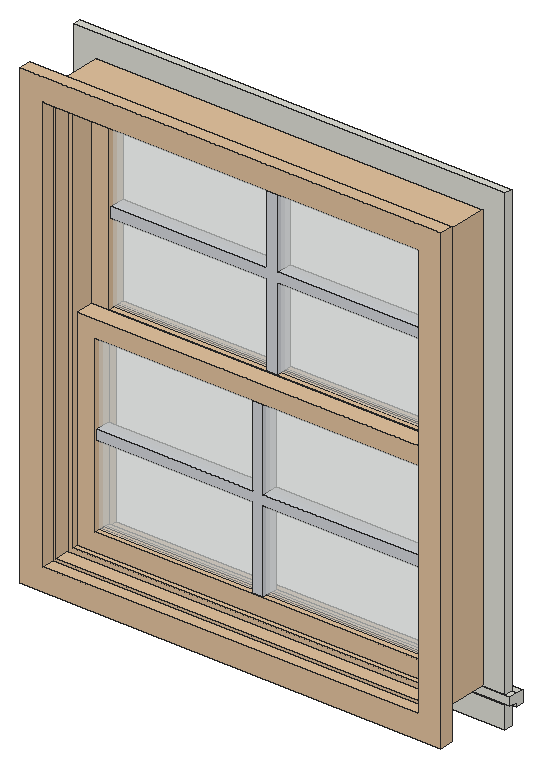
Revit family "Window-Double-Hung-v1", category Windows, host Wall, Revit 2022
Family settings
  Host = Wall
  OmniClass Number = 23.30.20.17.17.14
  OmniClass Title = Double-Hung Windows
  Always vertical = Yes
  Cut with Voids When Loaded = No
  Shared = No
  Room Calculation Point = No
Parameters (values of type "38" x 42"")
  Wall Thickness [instance] = 0' - 6"
  Window Inset [instance] = 0' - 0"
  Visual Light Transmittance = 0.81
  Top Muntin Visibility = yes
  Thermal Resistance (R) = 1.8146 (h·ft²·°F)/BTU
  Solar Heat Gain Coefficient = 0.76
  Muntin Width = Width - 0' 6"  # 2' - 8"
  Muntin Height = 0.5 * (Height - 0' 6" - 0' 1 3/4")  # 1' - 5 1/8"
  Manufacturer = ""
  Interior Wall Closure [instance] = 0' - 1 1/2"
  Interior Trim Material = Wood - Stained
  Interior Trim = Trim-Window-Interior-Flat : Picture Frame
  Rough Width = Width + 0' 0 1/2"  # 3' - 2 1/2"
  Rough Height = Height + 0' 0 1/2"  # 3' - 6 1/2"
  Indicator Visibility [instance] = yes
  Frame Extension [instance] = if(Exterior Trim Visibility, Window Inset + 0' 1 1/4", 0' 1 1/4")  # 0' - 1 1/4"
  Fire Rating = "0.5h"
  Exterior Wall Closure [instance] = 0' - 0 1/2"
  Exterior Trim Material = Clad - White
  Extension Jamb Visibility [instance] = and(Interior Trim Visibility, Wall Thickness - Window Inset > 0' 4 1/2")  # yes
  Interior Trim Visibility [instance] = yes
  Exterior Trim Visibility [instance] = yes
  Exterior Trim = Trim-Window-Exterior-Flat : with Sill
  Extension Jamb [instance] = if(Wall Thickness - Window Inset > 0' 4 1/2", Wall Thickness - Window Inset - 0' 4 1/2", 0' 1")  # 0' - 1 1/2"
  Define Thermal Properties by = Schematic Type
  Construction Type Id = "DG-DR"
  Heat Transfer Coefficient (U) = 0.5511 BTU/(h·ft²·°F)
  Bottom Muntin Visibility = yes
  Assembly Code = "B2020100"
  Glass Panel Material = Glass
  Height = 3' - 6"
  Exterior Frame Material = Clad - White
  Interior Frame Material = Wood - Stained
  Wall Closure = By host
  Width = 3' - 2"
  Analytic Construction = "Double glazing - domestic"
Types (7): name | Muntin Width | Muntin Height | Manufacturer | Interior Trim Material | Interior Trim | Rough Width | Rough Height | Exterior Trim Material | Exterior Trim | Bottom Muntin Visibility | Height | Exterior Frame Material | Interior Frame Material | Width
  38" x 42" | 2' - 8" | 1' - 5 1/8" | "" | Wood - Stained | Trim-Window-Interior-Flat : Picture Frame | 3' - 2 1/2" | 3' - 6 1/2" | Clad - White | Trim-Window-Exterior-Flat : with Sill | yes | 3' - 6" | Clad - White | Wood - Stained | 3' - 2"
  3' x 5'7" Mullion | 2' - 5 1/2" | 2' - 5 7/8" | "Sierra-Pacific" | Black | Trim-Window-Interior-Flat : Picture Frame | 3' - 0" | 5' - 8" | Black | Trim-Window-Exterior-Flat : with Sill | yes | 5' - 7 1/2" | Black | Black | 2' - 11 1/2"
  36 x 80 mullions | 2' - 5 1/2" | 2' - 11 7/8" | "Sierra-Pacific" | Black | Muntin Pattern_2x2 : Muntin Pattern_2x2 | 3' - 0" | 6' - 8" | Black | Muntin Pattern_2x2 : Muntin Pattern_2x2 | yes | 6' - 7 1/2" | Black | Black | 2' - 11 1/2"
  30" x 46" | 2' - 0" | 1' - 7 1/8" | "" | Wood - Stained White | Trim-Window-Interior-Flat : Picture Frame | 2' - 6 1/2" | 3' - 10 1/2" | Clad - White | Trim-Window-Exterior-Flat : with Sill | yes | 3' - 10" | Clad - White | Wood - Stained White | 2' - 6"
  28" x 46" | 1' - 10" | 1' - 7 1/8" | "" | Wood - Stained White | Trim-Window-Interior-Flat : Picture Frame | 2' - 4 1/2" | 3' - 10 1/2" | Clad - White | Trim-Window-Exterior-Flat : with Sill | yes | 3' - 10" | Clad - White | Wood - Stained White | 2' - 4"
  36" x 67" | 2' - 5 1/2" | 2' - 5 7/8" | "Sierra-Pacific" | Wood - Stained White | Trim-Window-Interior-Flat : Picture Frame | 3' - 0" | 5' - 8" | Wood - Stained White | Trim-Window-Exterior-Flat : with Sill | no | 5' - 7 1/2" | Wood - Stained White | Wood - Stained White | 2' - 11 1/2"
  36" x 80" | 2' - 5 1/2" | 2' - 11 7/8" | "Sierra-Pacific" | Wood - Stained White | Muntin Pattern_2x2 : Muntin Pattern_2x2 | 3' - 0" | 6' - 8" | Clad - White | Muntin Pattern_2x2 : Muntin Pattern_2x2 | no | 6' - 7 1/2" | Clad - White | Wood - Stained White | 2' - 11 1/2"
Reference planes (in)
  plane 1 "Center (Front/Back)": y = 0
  plane 2: z = 0
  plane 3 "Center": x = 0
  plane 4 "Left": x = -19
  plane 5 "Right": x = 19
  plane 6 "Sill": z = 36
  plane 7 "Top": z = 78
  plane 8 "Wall Face": y = 3
  plane 9: y = -3
  plane 10 "Middle": z = 57
  plane 11: z = 76.75
  plane 12: z = 37.25
  plane 13: x = 17.75
  plane 14: x = -17.75
  plane 15: x = 16
  plane 16: x = -16
  plane 17: z = 39
  plane 18: z = 75
  plane 19 "Wall Closure": y = -1.5
  plane 20: z = 77.375
  plane 21 "Frame Face": y = 3.75
  plane 22 "Sash 2": y = -1
  plane 23 "Sash Face 1": y = 2.5
  plane 24 "Inset Face": y = 3
  plane 25 "Sash 1": y = 0.75
  plane 26 "Glass 1": y = 1.625
  plane 27: z = 57.875
  plane 28: z = 56.125
  plane 29 "Glass 2": y = -0.125
  plane 30: y = -1.5
  plane 31: z = 47.5625
  plane 32: z = 66.4375
  plane 33: y = -1.5
  plane 34: y = 2.5
  plane 35: y = 3.75
Forms (in)
  Extrusion 1, solid, material "Wood - Stained" <- "Interior Frame Material", visible <- "Extension Jamb Visibility"
    sketch origin (0, -0.25, 0) x (-1, 0, 0) y (0, 0, 1)
      loop
        line (19, 78) -> (-19, 78) -> (-19, 36) -> (19, 36) -> (19, 78)
      loop
        line (18.25, 77.25) -> (-18.25, 77.25) -> (-18.25, 36.75) -> (18.25, 36.75) -> (18.25, 77.25)
    from -2.75 to -1.25
  Sweep 2, solid, material "Wood - Stained" <- "Interior Frame Material"
    path origin (0, 2.5, 0) x (-1, 0, 0) y (0, 0, 1)
      loop
        line (-19, 36) -> (19, 36) -> (19, 78) -> (-19, 78) -> (-19, 36)
    profile origin (19, 2.5, 57) x (1, 0, 0) y (0, 1, 0)
      loop
        line (-1.25, 1.25) -> (-1.25, -4) -> (0, -4) -> (0, 1.25) -> (-1.25, 1.25)
  Sweep 3, solid, material "Wood - Stained" <- "Interior Frame Material"
    path origin (0, 2.5, 0) x (-1, 0, 0) y (0, 0, 1)
      loop
        line (-17.75, 56.125) -> (17.75, 56.125) -> (17.75, 76.75) -> (-17.75, 76.75) -> (-17.75, 56.125)
    profile origin (17.75, 2.5, 66.4375) x (1, 0, 0) y (0, 1, 0)
      loop
        line (0, 0) -> (-1.75, 0) -> (-1.75, -1.75) -> (0, -1.75) -> (0, 0)
  Sweep 4, solid, material "Wood - Stained" <- "Interior Frame Material"
    path origin (0, 0.75, 0) x (-1, 0, 0) y (0, 0, 1)
      loop
        line (-17.75, 37.25) -> (17.75, 37.25) -> (17.75, 57.875) -> (-17.75, 57.875) -> (-17.75, 37.25)
    profile origin (17.75, 0.75, 47.5625) x (1, 0, 0) y (0, 1, 0)
      loop
        line (0, 0) -> (-1.75, 0) -> (-1.75, -1.75) -> (0, -1.75) -> (0, 0)
  Extrusion 5, solid, material "Glass" <- "Glass Panel Material"
    sketch origin (0, 0, 36) x (0, -1, 0) y (1, 0, 0)
      loop
        line (-2, -16) -> (-1.75, -16) -> (-1.75, 16) -> (-2, 16) -> (-2, -16)
      loop
        line (-1.5, 16) -> (-1.5, -16) -> (-1.25, -16) -> (-1.25, 16) -> (-1.5, 16)
    from 21.875 to 39
  Extrusion 6, solid, material "Glass" <- "Glass Panel Material"
    sketch origin (0, 0, 0) x (1, 0, 0) y (0, 1, 0)
      loop
        line (-16, 0.25) -> (-16, 0) -> (16, 0) -> (16, 0.25) -> (-16, 0.25)
      loop
        line (16, -0.25) -> (-16, -0.25) -> (-16, -0.5) -> (16, -0.5) -> (16, -0.25)
    from 39 to 56.125
Lines and regions (in)
  Opening 1
    outline origin (-60, -3, 0) x (1, 0, 0) y (0, 0, 1)
      loop
        line (79, 78) -> (41, 78) -> (41, 36) -> (79, 36) -> (79, 78)
  Split face 1
    outline origin (-16, -1, 39) x (1, 0, 0) y (0, 1, 0)
      loop
        line (0, 1) -> (32, 1)
  Split face 2
    outline origin (16, -1, 39) x (0, 0, 1) y (0, 1, 0)
      loop
        line (0, 1) -> (17.125, 1)
  Split face 3
    outline origin (-16, -1, 56.125) x (0, 0, -1) y (0, 1, 0)
      loop
        line (17.125, 1) -> (0, 1)
  Split face 4
    outline origin (16, -1, 56.125) x (0, 1, 0) y (-1, 0, 0)
      loop
        line (1, 0) -> (1, 32)
  Split face 5
    outline origin (-16, 0.75, 57.875) x (1, 0, 0) y (0, 1, 0)
      loop
        line (32, 0.75) -> (0, 0.75)
  Split face 6
    outline origin (-16, 0.75, 57.875) x (1, 0, 0) y (0, 1, 0)
      loop
        line (32, 1) -> (0, 1)
  Split face 7
    outline origin (16, 0.75, 57.875) x (0, 0, 1) y (0, 1, 0)
      loop
        line (0, 1) -> (17.125, 1)
  Split face 8
    outline origin (-16, 0.75, 75) x (0, 0, -1) y (0, 1, 0)
      loop
        line (17.125, 1) -> (0, 1)
  Split face 9
    outline origin (16, 0.75, 75) x (0, 1, 0) y (-1, 0, 0)
      loop
        line (1, 0) -> (1, 32)
  Split face 10
    outline origin (-17.75, -1.5, 37.25) x (1, 0, 0) y (0, 1, 0)
      loop
        line (0, 2.25) -> (35.5, 2.25)
  Split face 11
    outline origin (17.75, -1.5, 37.25) x (0, 0, 1) y (0, 1, 0)
      loop
        line (39.5, 4) -> (18.875, 4) -> (18.875, 2.25) -> (0, 2.25)
  Split face 12
    outline origin (-17.75, -1.5, 76.75) x (0, 0, -1) y (0, 1, 0)
      loop
        line (0, 4) -> (20.625, 4) -> (20.625, 2.25) -> (39.5, 2.25)
  Split face 13
    outline origin (17.75, -1.5, 76.75) x (0, 1, 0) y (-1, 0, 0)
      loop
        line (4, 0) -> (4, 35.5)
Text (in)
  text "EXTERIOR" at (-58.6888, 30.41546, 0), in view "Ref. Level"
  text "INTERIOR" at (-58.6888, -28.32711, 0), in view "Ref. Level"
  text "Exterior" at (0, 43.65631, 134.44969), in view "Left"
  text "Exterior" at (0, 18.29385, 125.04747), in view "Right"
Dimensions and locks (in)
  equal spacing: plane 4 "Left", plane 3 "Center", plane 5 "Right"
  "Width": plane 4 "Left" to plane 5 "Right"
  equal spacing: plane 6 "Sill", plane 10 "Middle", plane 7 "Top"
  "Height": plane 7 "Top" to plane 6 "Sill"
  locked: plane 5 "Right" to plane 13 at 1.25
  locked: plane 14 to plane 4 "Left" at 1.25
  locked: plane 11 to plane 7 "Top" at 1.25
  locked: plane 6 "Sill" to plane 12 at 1.25
  locked: plane 15 to plane 13 at 1.75
  locked: plane 14 to plane 16 at 1.75
  locked: plane 18 to plane 11 at 1.75
  locked: plane 12 to plane 17 at 1.75
  "Wall Thickness": host wall to host wall
  locked: plane 7 "Top" to plane 20 at 0.625
  locked: plane 21 "Frame Face" to plane 8 "Wall Face" at 0.75
  locked: plane 24 "Inset Face" to plane 23 "Sash Face 1" at 0.5
  "Window Inset": plane 8 "Wall Face" to plane 24 "Inset Face"
  locked: plane 23 "Sash Face 1" to plane 25 "Sash 1" at 1.75
  locked: plane 25 "Sash 1" to plane 22 "Sash 2" at 1.75
  equal spacing: plane 23 "Sash Face 1", plane 26 "Glass 1", plane 25 "Sash 1"
  equal spacing: plane 28, plane 10 "Middle", plane 27
  locked: plane 28 to plane 27 at 1.75
  locked: Extrusion 5 sketch curve to Extrusion 5 sketch curve at 0.25  (x3)
  equal spacing: Extrusion 5 sketch curve, plane 26 "Glass 1", Extrusion 5 sketch curve
  equal spacing: plane 25 "Sash 1", plane 29 "Glass 2", plane 22 "Sash 2"
  locked: Extrusion 6 sketch curve to Extrusion 6 sketch curve at 0.25  (x3)
  equal spacing: Extrusion 6 sketch curve, plane 29 "Glass 2", Extrusion 6 sketch curve
  locked: plane 22 "Sash 2" to plane 30 at 0.5
  "Extension Jamb": plane 19 "Wall Closure" to host wall
  locked: Extrusion 1 sketch curve to plane 5 "Right" at 0.75
  locked: Extrusion 1 sketch curve to plane 7 "Top" at 0.75
  locked: plane 4 "Left" to Extrusion 1 sketch curve at 0.75
  locked: plane 6 "Sill" to Extrusion 1 sketch curve at 0.75
  equal spacing: plane 27, plane 32, plane 18
  equal spacing: plane 17, plane 31, plane 28
  "Interior Wall Closure": plane 33 to plane 9
  "Exterior Wall Closure": plane 8 "Wall Face" to plane 34
  "Frame Extension": plane 35 to plane 23 "Sash Face 1"
  aligned and locked: plane 9 to host wall
  aligned and locked: host wall to plane 8 "Wall Face"
  aligned and locked: Opening 1 sketch curve to plane 4 "Left"
  aligned and locked: plane 7 "Top" to Opening 1 sketch curve
  aligned and locked: plane 5 "Right" to Opening 1 sketch curve
  aligned and locked: Opening 1 sketch curve to plane 6 "Sill"
  aligned and locked: plane 7 "Top" to Extrusion 1 sketch curve
  aligned and locked: Extrusion 1 sketch curve to plane 4 "Left"
  aligned and locked: plane 5 "Right" to Extrusion 1 sketch curve
  aligned and locked: Extrusion 1 sketch curve to plane 6 "Sill"
  aligned and locked: plane 19 "Wall Closure" to Extrusion 1
  aligned and locked: Sweep 2 sketch curve to host wall  (x3)
  aligned and locked: plane 5 "Right" to Sweep 2 sketch curve
  aligned and locked: plane 13 to Sweep 2 sketch curve
  aligned and locked: Sweep 3 sketch curve to plane 13
  aligned and locked: plane 14 to Sweep 3 sketch curve
  aligned and locked: Sweep 3 sketch curve to plane 11
  aligned and locked: Sweep 3 sketch curve to plane 25 "Sash 1"
  aligned and locked: plane 28 to Sweep 3 sketch curve
  aligned and locked: Sweep 4 sketch curve to plane 27
  aligned and locked: Sweep 4 sketch curve to plane 13
  aligned and locked: plane 14 to Sweep 4 sketch curve
  aligned and locked: plane 12 to Sweep 4 sketch curve
  aligned and locked: profile plane to Sweep 4 sketch curve
  aligned and locked: Sweep 4 sketch curve to profile plane
  aligned and locked: Sweep 4 sketch curve to plane 22 "Sash 2"
  aligned and locked: plane 15 to Sweep 4 sketch curve
  aligned and locked: plane 18 to Extrusion 5
  aligned and locked: Extrusion 6 sketch curve to plane 16
  aligned and locked: plane 16 to Extrusion 6 sketch curve
  aligned and locked: plane 15 to Extrusion 6 sketch curve
  aligned and locked: Extrusion 6 sketch curve to plane 15
  aligned and locked: plane 17 to Extrusion 6
  aligned and locked: plane 28 to Extrusion 6
  aligned and locked: Split face 1 sketch curve to Extrusion 6
  aligned and locked: Split face 2 sketch curve to Extrusion 6
  aligned and locked: Split face 3 sketch curve to Extrusion 6
  aligned and locked: Split face 4 sketch curve to Extrusion 6
  aligned and locked: plane 15 to Sweep 3 sketch curve
  aligned and locked: Extrusion 5 to plane 27
  aligned and locked: Extrusion 5 sketch curve to plane 16
  aligned and locked: plane 16 to Extrusion 5 sketch curve
  aligned and locked: plane 15 to Extrusion 5 sketch curve
  aligned and locked: Extrusion 5 sketch curve to plane 15
  aligned and locked: Split face 6 sketch curve to Extrusion 5
  aligned and locked: Split face 7 sketch curve to Extrusion 5
  aligned and locked: Split face 8 sketch curve to Extrusion 5
  aligned and locked: Split face 9 sketch curve to Extrusion 5
  aligned and locked: Split face 10 sketch curve to plane 25 "Sash 1"
  aligned and locked: plane 30 to Sweep 2 sketch curve
  aligned and locked: Extrusion 1 to plane 9
  aligned and locked: plane 25 "Sash 1" to Split face 11 sketch curve
  aligned and locked: Split face 11 sketch curve to plane 28
  aligned and locked: plane 23 "Sash Face 1" to Split face 11 sketch curve
  aligned and locked: Split face 12 sketch curve to plane 25 "Sash 1"
  aligned and locked: plane 28 to Split face 12 sketch curve
  aligned and locked: Split face 12 sketch curve to plane 23 "Sash Face 1"
  aligned and locked: plane 23 "Sash Face 1" to Split face 13 sketch curve
  aligned and locked: nested 1 to plane 8 "Wall Face"
  aligned and locked: plane 3 "Center" to nested 1
  aligned and locked: plane 31 to nested 2
  aligned and locked: plane 32 to nested 3
  aligned and locked: nested 1 to plane 7 "Top"
  aligned and locked: plane 3 "Center" to nested 3
  aligned and locked: nested 2 to plane 3 "Center"
  aligned and locked: plane 7 "Top" to nested 5
  aligned and locked: plane 3 "Center" to nested 5
  aligned and locked: plane 7 "Top" to nested 4
  aligned and locked: nested 4 to plane 3 "Center"
  aligned and locked: Sweep 2 sketch curve to plane 35
  aligned and locked: plane 3 "Center" to nested 6
  aligned and locked: nested 7 to plane 32
  aligned and locked: plane 3 "Center" to nested 7
  aligned and locked: nested 6 to plane 31
  aligned and locked: plane 29 "Glass 2" to nested 6
  aligned and locked: plane 26 "Glass 1" to nested 7
Automatic sketch dimensions
  Split face 1 sketch curve to Sweep 4 = 0' - 0"  (x2)
  Split face 2 sketch curve to Sweep 4 = 0' - 0"
  Sweep 4 to Split face 2 sketch curve = 0' - 0"
  Sweep 4 to Split face 3 sketch curve = 0' - 0"
  Split face 3 sketch curve to Sweep 4 = 0' - 0"
  Split face 4 sketch curve to Sweep 4 = 0' - 0"  (x2)
  Sweep 3 sketch curve to profile plane = 0' - 0"
  Sweep 3 sketch curve to plane 23 "Sash Face 1" = 0' - 0"
  Split face 5 sketch curve to Sweep 3 = 0' - 0"  (x2)
  Split face 5 sketch curve to Sweep 3 = 0' - 0 3/4"
  Split face 6 sketch curve to Sweep 3 = 0' - 0"  (x2)
  Split face 7 sketch curve to Sweep 3 = 0' - 0"
  Sweep 3 to Split face 7 sketch curve = 0' - 0"
  Sweep 3 to Split face 8 sketch curve = 0' - 0"
  Split face 8 sketch curve to Sweep 3 = 0' - 0"
  Split face 9 sketch curve to Sweep 3 = 0' - 0"  (x2)
  Split face 10 sketch curve to Sweep 2 = 0' - 0"  (x2)
  Split face 11 sketch curve to Sweep 2 = 0' - 0"
  Sweep 2 to Split face 11 sketch curve = 0' - 0"
  Sweep 2 to Split face 12 sketch curve = 0' - 0"
  Split face 12 sketch curve to Sweep 2 = 0' - 0"
  Split face 13 sketch curve to Sweep 2 = 0' - 0"  (x2)
  Sweep 2 sketch curve to plane 7 "Top" = 0' - 0"
Nested families (in)
  nested 1: "Plan-Double-Hung" at (0, 3, 36), Window Inset <- "Window Inset", Width <- "Width", Wall Thickness <- "Wall Thickness", Height <- "Height", type "Plan-Double-Hung"
    with Window Inset of 3D 0' - 0 1/2", Window Inset 0' - 0", Width 3' - 2", Wall Thickness 0' - 6", Height 3' - 6"
  nested 2: "Filled Arrow" at (0, 0.75, 47.5625) x (0, 0, 1) z (0, 1, 0), visible <- "Indicator Visibility", type "Filled Arrow"
  nested 3: "Filled Arrow" at (0, 0.75, 66.4375) x (0, 0, -1) z (0, 1, 0), visible <- "Indicator Visibility", type "Filled Arrow"
  nested 4: "Trim-Window-Exterior-Flat" at (0, 3, 78) x (-1, 0, 0) z (0, 1, 0), visible <- "Exterior Trim Visibility", Trim Material <- "Exterior Trim Material", Opening Width <- "Width", Opening Height <- "Height", type <- "Exterior Trim", type "with Sill"
    with Trim Material Clad - White, Opening Width 3' - 2", Opening Height 3' - 6"
  nested 5: "Trim-Window-Interior-Flat" at (0, -3, 78) x (1, 0, 0) z (0, -1, 0), visible <- "Interior Trim Visibility", Trim Material <- "Interior Trim Material", Opening Width <- "Width", Opening Height <- "Height", type <- "Interior Trim", type "Picture Frame"
    with Trim Material Wood - Stained, Opening Width 3' - 2", Opening Height 3' - 6"
  nested 6: "2x2 Muntin Pattern" at (0, 0.625, 39), Muntin H <- "Muntin Height", Muntin W <- "Muntin Width", visible <- "Bottom Muntin Visibility", type "2x2 Muntin Pattern"
    with Muntin W 2' - 8", Muntin H 1' - 5 1/8", built-in parameter 1154647 5' - 6.06495"
  nested 7: "2x2 Muntin Pattern" at (0, 2.375, 57.875), Muntin H <- "Muntin Height", Muntin W <- "Muntin Width", visible <- "Top Muntin Visibility", type "2x2 Muntin Pattern"
    with Muntin W 2' - 8", Muntin H 1' - 5 1/8", built-in parameter 1154647 5' - 6.06495"
Definition of nested family "Trim-Window-Exterior-Flat"
  Parameters (values of type "with Sill")
    Trim Width = 0' - 2 1/4"
    Trim Thickness_Picture Frame = 0' - 1 1/4"
    Trim Thickness_with Sill = 0' - 0 3/4"
    Trim Material [instance] = none
    Sill Thickness = 0' - 1 1/4"
    Sill = yes
    Picture Frame = no
    Opening Width [instance] = 2' - 0"
    Opening Height [instance] = 3' - 0"
    Default Elevation = 4' - 0"
  Types (2): name | Sill | Picture Frame
    with Sill | yes | no
    Picture Frame | no | yes
  Reference planes (in)
    plane 1 "Center (Front/Back)": y = 0
    plane 2: z = 0
    plane 3 "Center (Left/Right)": x = 0
    plane 4: y = 2.25
    plane 5 "Left": x = -12
    plane 6 "Right": x = 12
    plane 7 "Bottom": y = -36
    plane 8: y = -37.25
    plane 9: y = -39.12332
    plane 10: x = 14.25
    plane 11: x = -14.25
    plane 12: z = 0.75
    plane 13: z = 1.25
    plane 14: x = 14.75
    plane 15: x = -14.75
    plane 16: y = -36.87332
    plane 17: y = -38.25
    plane 18: z = 0.5
    plane 19: y = -18
    plane 20: z = 1.5
  Forms (in)
    Extrusion 1, solid
      sketch origin (0, 0, 0) x (1, 0, 0) y (0, 1, 0)
        loop
          line (-14.25, 2.25) -> (-14.25, -39.12332) -> (14.25, -39.12332) -> (14.25, 2.25) -> (-14.25, 2.25)
      from 0 to -12
    Extrusion 2, solid, material <- "Trim Material", visible <- "Sill"
      sketch origin (0, 0, 0) x (1, 0, 0) y (0, 1, 0)
        loop
          line (-14.25, -36) -> (-12, -36) -> (-12, 0) -> (12, 0) -> (12, -36) -> (14.25, -36) -> (14.25, 2.25) -> (-14.25, 2.25) -> (-14.25, -36)
      from 0 to 0.75
    Extrusion 3, solid, material <- "Trim Material", visible <- "Sill"
      sketch origin (0, 0, 0) x (0, 1, 0) y (0, 0, 1)
        loop
          line (-36.09677, 1.5) -> (-37.25, 1.5) -> (-37.25, 0.75) -> (-36.87332, 0.75) -> (-36.87332, 0) -> (-36, 0) -> (-36, 0.75) -> (-36.09677, 1.5)
      from -14.75 to 14.75
    Extrusion 4, solid, material <- "Trim Material", visible <- "Sill"
      sketch origin (0, 0, 0) x (1, 0, 0) y (0, 1, 0)
        loop
          line (-14.25, -36.87332) -> (-14.25, -39.12332) -> (14.25, -39.12332) -> (14.25, -36.87332) -> (-14.25, -36.87332)
      from 0 to 0.75
    Extrusion 5, solid, material <- "Trim Material", visible <- "Picture Frame"
      sketch origin (0, 0, 0) x (1, 0, 0) y (0, 1, 0)
        loop
          line (-12, 0) -> (-12, -36) -> (12, -36) -> (12, 0) -> (-12, 0)
        loop
          line (-14.25, 2.25) -> (-14.25, -38.25) -> (14.25, -38.25) -> (14.25, 2.25) -> (-14.25, 2.25)
      from 0 to 1.25
  Dimensions and locks (in)
    equal spacing: plane 5 "Left", plane 3 "Center (Left/Right)", plane 6 "Right"
    "Opening Width": plane 5 "Left" to plane 6 "Right"
    "Opening Height": plane 7 "Bottom" to plane 1 "Center (Front/Back)"
    "Sill Thickness": plane 7 "Bottom" to plane 8
    "Trim Width": plane 11 to plane 5 "Left"
    "Trim Width": plane 6 "Right" to plane 10
    "Trim Width": plane 1 "Center (Front/Back)" to plane 4
    locked: plane 15 to plane 11 at 0.5
    locked: plane 10 to plane 14 at 0.5
    locked: plane 16 to plane 8 at 0.37668
    "Trim Width": plane 9 to plane 16
    "Trim Width": plane 17 to plane 7 "Bottom"
    locked: plane 18 to plane 2 at 0.5
    equal spacing: plane 7 "Bottom", plane 19, plane 1 "Center (Front/Back)"
    locked: plane 20 to plane 12 at 0.75
    "Trim Thickness_with Sill": plane 12 to plane 2
    "Trim Thickness_Picture Frame": plane 13 to plane 2
    aligned and locked: plane 2 to Extrusion 1
    aligned and locked: level to Extrusion 1
    aligned and locked: Extrusion 2 sketch curve to plane 5 "Left"
    aligned and locked: Extrusion 2 sketch curve to plane 11
    aligned and locked: plane 7 "Bottom" to Extrusion 2 sketch curve  (x2)
    aligned and locked: plane 1 "Center (Front/Back)" to Extrusion 2 sketch curve
    aligned and locked: plane 10 to Extrusion 2 sketch curve
    aligned and locked: Extrusion 2 sketch curve to plane 6 "Right"
    aligned and locked: plane 12 to Extrusion 2
    aligned and locked: Extrusion 3 sketch curve to level
    aligned and locked: plane 7 "Bottom" to Extrusion 3 sketch curve
    aligned and locked: Extrusion 3 sketch curve to plane 8
    aligned and locked: plane 15 to Extrusion 3
    aligned and locked: Extrusion 3 to plane 14
    aligned and locked: plane 10 to Extrusion 4 sketch curve
    aligned and locked: Extrusion 4 sketch curve to plane 11
    aligned and locked: plane 16 to Extrusion 4 sketch curve
    aligned and locked: plane 9 to Extrusion 4 sketch curve
    aligned and locked: Extrusion 4 to Extrusion 2
    aligned and locked: Extrusion 2 sketch curve to plane 4
    aligned and locked: plane 1 "Center (Front/Back)" to Extrusion 5 sketch curve
    aligned and locked: Extrusion 5 sketch curve to plane 4
    aligned and locked: Extrusion 5 sketch curve to plane 17
    aligned and locked: plane 7 "Bottom" to Extrusion 5 sketch curve
    aligned and locked: Extrusion 5 sketch curve to plane 6 "Right"
    aligned and locked: plane 10 to Extrusion 5 sketch curve
    aligned and locked: Extrusion 5 sketch curve to plane 5 "Left"
    aligned and locked: Extrusion 5 sketch curve to plane 11
    aligned and locked: plane 13 to Extrusion 5
    aligned and locked: plane 20 to Extrusion 3
  Automatic sketch dimensions
    Extrusion 1 sketch curve to Extrusion 1 sketch curve = 2' - 4 1/2"
    Extrusion 1 sketch curve to Extrusion 1 sketch curve = 3' - 5.37332"
    Extrusion 3 sketch curve to plane 16 = 0' - 0"
    Extrusion 3 sketch curve to plane 12 = 0' - 0"  (x2)
    Extrusion 3 sketch curve to plane 7 "Bottom" = 0' - 0.09677"
    plane 13 to Extrusion 3 sketch curve = 0' - 0 1/4"
Definition of nested family "Trim-Window-Interior-Flat"
  Parameters (values of type "with Sill")
    Trim Thickness_Picture Frame = 0' - 1 1/4"
    Trim Width = 0' - 2 1/4"
    Trim Thickness_with Sill = 0' - 0 3/4"
    Trim Material [instance] = none
    Sill Thickness = 0' - 1 1/4"
    Sill = yes
    Picture Frame = no
    Opening Width [instance] = 2' - 0"
    Opening Height [instance] = 3' - 0"
    Default Elevation = 4' - 0"
  Types (2): name | Sill | Picture Frame
    with Sill | yes | no
    Picture Frame | no | yes
  Reference planes (in)
    plane 1 "Center (Front/Back)": y = 0
    plane 2: z = 0
    plane 3 "Center (Left/Right)": x = 0
    plane 4: y = 1.75
    plane 5 "Left": x = -12
    plane 6 "Right": x = 12
    plane 7 "Bottom": y = -36
    plane 8: y = -37.25
    plane 9: y = -39.12332
    plane 10: x = 13.75
    plane 11: x = -13.75
    plane 12: z = 0.75
    plane 13: z = 1.25
    plane 14: x = 14.25
    plane 15: x = -14.25
    plane 16: y = -36.87332
    plane 17: y = -37.75
    plane 18: z = 0.5
    plane 19: x = -11.5
    plane 20: y = -0.5
    plane 21: x = 11.5
    plane 22: y = -35.5
    plane 23: x = -13.25
    plane 24: x = 13.25
    plane 25: y = -18
  Forms (in)
    Extrusion 1, solid
      sketch origin (0, 0, 0) x (1, 0, 0) y (0, 1, 0)
        loop
          line (-13.75, 1.75) -> (-13.75, -37.75) -> (13.75, -37.75) -> (13.75, 1.75) -> (-13.75, 1.75)
      from 0 to -12
    Extrusion 2, solid, material <- "Trim Material", visible <- "Sill"
      sketch origin (0, 0, 0) x (1, 0, 0) y (0, 1, 0)
        loop
          line (-13.25, -36) -> (-11.5, -36) -> (-11.5, 0) -> (11.5, 0) -> (11.5, -36) -> (13.25, -36) -> (13.25, 1.75) -> (-13.25, 1.75) -> (-13.25, -36)
      from 0 to 0.75
    Extrusion 3, solid, material <- "Trim Material", visible <- "Sill"
      sketch origin (0, 0, 0) x (0, 1, 0) y (0, 0, 1)
        loop
          line (-36.5, 1.5) -> (-36.87332, 1.5) -> (-36.87332, 0) -> (-36, 0) -> (-36, 1)
          arc (-36, 1) -> (-36.14645, 1.35355) -> (-36.5, 1.5) r 0.5
      from -13.75 to 13.75
    Extrusion 4, solid, material <- "Trim Material", visible <- "Sill"
      sketch origin (0, 0, 0) x (1, 0, 0) y (0, 1, 0)
        loop
          line (-13.25, -36.87332) -> (-13.25, -39.12332) -> (13.25, -39.12332) -> (13.25, -36.87332) -> (-13.25, -36.87332)
      from 0 to 0.75
    Extrusion 5, solid, material <- "Trim Material", visible <- "Picture Frame"
      sketch origin (0, 0, 0) x (1, 0, 0) y (0, 1, 0)
        loop
          line (-11.5, -0.5) -> (-11.5, -35.5) -> (11.5, -35.5) -> (11.5, -0.5) -> (-11.5, -0.5)
        loop
          line (-13.75, 1.75) -> (-13.75, -37.75) -> (13.75, -37.75) -> (13.75, 1.75) -> (-13.75, 1.75)
      from 0 to 1.25
  Dimensions and locks (in)
    equal spacing: plane 5 "Left", plane 3 "Center (Left/Right)", plane 6 "Right"
    "Opening Width": plane 5 "Left" to plane 6 "Right"
    "Opening Height": plane 7 "Bottom" to plane 1 "Center (Front/Back)"
    "Sill Thickness": plane 7 "Bottom" to plane 8
    "Trim Width": plane 11 to plane 19
    "Trim Width": plane 21 to plane 10
    "Trim Width": plane 20 to plane 4
    "Trim Thickness_with Sill": plane 12 to plane 2
    locked: plane 15 to plane 11 at 0.5
    locked: plane 10 to plane 14 at 0.5
    locked: plane 16 to plane 8 at 0.37668
    "Trim Width": plane 9 to plane 16
    "Trim Width": plane 17 to plane 22
    plane 20 to plane 1 "Center (Front/Back)" = 0' - 0 1/2"
    plane 5 "Left" to plane 19 = 0' - 0 1/2"
    plane 21 to plane 6 "Right" = 0' - 0 1/2"
    plane 22 to plane 7 "Bottom" = 0' - 0 1/2"
    locked: plane 11 to plane 23 at 0.5
    locked: plane 24 to plane 10 at 0.5
    equal spacing: plane 7 "Bottom", plane 25, plane 1 "Center (Front/Back)"
    "Trim Thickness_Picture Frame": plane 13 to plane 2
    locked: Extrusion 3 to plane 12 at 0.75
    locked: plane 12 to Extrusion 3 sketch curve at 0.75
    radius of Extrusion 3 sketch curve = 0' - 0 1/2"
    aligned and locked: plane 2 to Extrusion 1
    aligned and locked: level to Extrusion 1
    aligned and locked: plane 7 "Bottom" to Extrusion 2 sketch curve  (x2)
    aligned and locked: plane 1 "Center (Front/Back)" to Extrusion 2 sketch curve
    aligned and locked: plane 12 to Extrusion 2
    aligned and locked: Extrusion 3 sketch curve to level
    aligned and locked: plane 7 "Bottom" to Extrusion 3 sketch curve
    aligned and locked: plane 16 to Extrusion 4 sketch curve
    aligned and locked: plane 9 to Extrusion 4 sketch curve
    aligned and locked: Extrusion 2 sketch curve to plane 4
    aligned and locked: Extrusion 5 sketch curve to plane 4
    aligned and locked: Extrusion 5 sketch curve to plane 17
    aligned and locked: plane 10 to Extrusion 5 sketch curve
    aligned and locked: Extrusion 5 sketch curve to plane 11
    aligned and locked: plane 13 to Extrusion 5
    aligned and locked: Extrusion 5 sketch curve to plane 20
    aligned and locked: Extrusion 5 sketch curve to plane 19
    aligned and locked: Extrusion 5 sketch curve to plane 21
    aligned and locked: plane 22 to Extrusion 5 sketch curve
    aligned and locked: Extrusion 4 to plane 24
    aligned and locked: plane 11 to Extrusion 3
    aligned and locked: Extrusion 3 to plane 10
    aligned and locked: Extrusion 2 sketch curve to plane 21
    aligned and locked: Extrusion 2 sketch curve to plane 24
    aligned and locked: Extrusion 2 sketch curve to plane 19
    aligned and locked: Extrusion 2 sketch curve to plane 23
    aligned and locked: plane 12 to Extrusion 4
  Automatic sketch dimensions
    Extrusion 1 sketch curve to Extrusion 1 sketch curve = 2' - 3 1/2"
    Extrusion 1 sketch curve to Extrusion 1 sketch curve = 3' - 3 1/2"
    Extrusion 3 sketch curve to plane 16 = 0' - 0"
    Extrusion 4 sketch curve to plane 11 = 0' - 0 1/2"
    Extrusion 4 sketch curve to plane 24 = 0' - 0"
Definition of nested family "2x2 Muntin Pattern"
  Parameters (values of type "2x2 Muntin Pattern")
    Mutin Width = 0' - 1"
    Muntin W [instance] = 3' - 0"
    Muntin Thickness = 0' - 1 1/2"
    Muntin H [instance] = 5' - 0"
    Material = none
    Default Elevation [instance] = 5' - 6.06495"
  Reference planes (in)
    plane 1 "Center (Front/Back)": y = 0
    plane 2: z = 0
    plane 3 "Center (Left/Right)": x = 0
    plane 4: x = -18
    plane 5: z = 60
    plane 6: x = 18
    plane 7: z = 30
    plane 8: y = -1.5
    plane 9: x = -0.5
    plane 10: x = 0.5
    plane 11: z = 29.5
    plane 12: z = 30.5
    plane 13: y = -0.75
  Forms (in)
    Extrusion 1, solid, material <- "Material"
      sketch origin (-1.5, 0, 0) x (1, 0, 0) y (0, 0, 1)
        loop
          line (2, 60) -> (1, 60) -> (1, 0) -> (2, 0) -> (2, 60)
      from 0 to 1.5
    Extrusion 2, solid, material <- "Material"
      sketch origin (0, 0, 0) x (1, 0, 0) y (0, 0, 1)
        loop
          line (18, 29.5) -> (18, 30.5) -> (-18, 30.5) -> (-18, 29.5) -> (18, 29.5)
      from 0 to 1.5
  Cuts and joins
    joined: Extrusion 1, Extrusion 2
  Dimensions and locks (in)
    "Muntin Thickness": plane 8 to plane 1 "Center (Front/Back)"
    equal spacing: plane 5, plane 7, level
    equal spacing: plane 4, plane 3 "Center (Left/Right)", plane 6
    equal spacing: plane 12, plane 7, plane 11
    "Mutin Width": plane 12 to plane 11
    equal spacing: plane 10, plane 3 "Center (Left/Right)", plane 9
    "Mutin Width": plane 10 to plane 9
    "Muntin W": plane 4 to plane 6
    "Muntin H": plane 5 to level
    equal spacing: plane 8, plane 13, plane 1 "Center (Front/Back)"
    aligned and locked: plane 2 to level
  Automatic sketch dimensions
    plane 4 to Extrusion 2 sketch curve = 0' - 0"
    plane 6 to Extrusion 2 sketch curve = 0' - 0"
    Extrusion 2 sketch curve to plane 11 = 0' - 0"
    Extrusion 2 sketch curve to plane 12 = 0' - 0"
    Extrusion 1 sketch curve to plane 5 = 0' - 0"
    Extrusion 1 sketch curve to plane 9 = 0' - 0"
    Extrusion 1 sketch curve to level = 0' - 0"
    Extrusion 1 sketch curve to plane 10 = 0' - 0"
Definition of nested family "Plan-Double-Hung"
  Parameters (values of type "Plan-Double-Hung")
    Window Inset [instance] = 0' - 0"
    Window Inset of 3D [instance] = if(Window Inset = 0' 0", 0' 0 1/2", if(Window Inset < Wall Thickness - 0' 3 1/2", Window Inset + 0' 0 1/2", Wall Thickness - 0' 3 1/2"))  # 0' - 0 1/2"
    Width [instance] = 4' - 0"
    Wall Thickness [instance] = 0' - 6"
    Height [instance] = 3' - 0"
    Default Elevation = 4' - 0"
    Analytic Construction = "<None>"
  Reference planes (in)
    plane 1 "Center (Front/Back)": y = 0
    plane 2: z = 0
    plane 3 "Center (Left/Right)": x = 0
    plane 4: x = -24
    plane 5: x = 24
    plane 6 "Jamb": y = -4
    plane 7: x = -22.75
    plane 8: y = -0.5
    plane 9: y = -2.25
    plane 10: y = -1.375
    plane 11: x = -21
    plane 12: x = 22.75
    plane 13: x = 21
    plane 14 "Window Inset": y = -1
    plane 15 "Wall": y = -6
    plane 16: z = 36
    plane 17: z = 34.75
    plane 18: z = 1.25
    plane 19: z = 33
    plane 20: z = 3
    plane 21: z = 18
    plane 22: z = 17.125
    plane 23: z = 18.875
    plane 24: y = -3.125
  Lines and regions (in)
    Masking region 1
      outline origin (0, 0.75, 0) x (1, 0, 0) y (0, 1, 0)
        loop
          line (-24, -6.75) -> (24, -6.75) -> (24, -0.75) -> (-24, -0.75) -> (-24, -6.75)
    Masking region 2
      outline origin (0, 0, 0) x (0, 1, 0) y (0, 0, 1)
        loop
          line (-6, 36) -> (-6, 0) -> (0, 0) -> (0, 36) -> (-6, 36)
    symbolic lines
      curve 1: line (-22.75, -2.25, 0) -> (-21, -2.25, 0)
      curve 2: line (-22.75, -0.5, 0) -> (-22.75, -4, 0)
      curve 3: line (-24, -0.5, 0) -> (-21, -0.5, 0)
      curve 4: line (-21, -0.5, 0) -> (-21, -2.25, 0)
      curve 5: line (-21, -1.375, 0) -> (21, -1.375, 0)
      curve 6: line (22.75, -2.25, 0) -> (21, -2.25, 0)
      curve 7: line (22.75, -0.5, 0) -> (22.75, -4, 0)
      curve 8: line (21, -0.5, 0) -> (21, -2.25, 0)
      curve 9: line (-24, -4, 0) -> (-22.75, -4, 0)
      curve 10: line (22.75, -4, 0) -> (24, -4, 0)
      curve 11: line (0, -0.5, 34.75) -> (0, -4, 34.75)
      curve 12: line (0, -4, 0) -> (0, -4, 3)
      curve 13: line (0, -0.5, 1.25) -> (0, -4, 1.25)
      curve 14: line (0, -0.5, 36) -> (0, -0.5, 33)
      curve 15: line (0, -0.5, 33) -> (0, -2.25, 33)
      curve 16: line (0, -4, 3) -> (0, -2.25, 3)
      curve 17: line (0, -1.375, 18.875) -> (0, -1.375, 33)
      curve 18: line (0, -2.25, 34.75) -> (0, -2.25, 33)
      curve 19: line (21, -0.5, 0) -> (24, -0.5, 0)
      curve 20: line (0, -4, 34.75) -> (0, -4, 36)
      curve 21: line (0, -0.5, 1.25) -> (0, -0.5, 0)
      curve 22: line (0, -2.25, 3) -> (0, -2.25, 1.25)
      curve 23: line (0, -4, 18.875) -> (0, -0.5, 18.875)
      curve 24: line (0, -4, 17.125) -> (0, -4, 18.875)
      curve 25: line (0, -0.5, 17.125) -> (0, -4, 17.125)
      curve 26: line (0, -0.5, 18.875) -> (0, -0.5, 17.125)
      curve 27: line (0, -2.25, 18.875) -> (0, -2.25, 17.125)
      curve 28: line (0, -3.125, 17.125) -> (0, -3.125, 3)
      curve 29: line (-21, -0.5, 0) -> (21, -0.5, 0)
      curve 30: line (-22.75, -4, 0) -> (22.75, -4, 0)
      curve 31: line (0, -0.5, 33) -> (0, -0.5, 18.875)
      curve 32: line (0, -4, 34.75) -> (0, -4, 18.875)
      curve 33: line (0, -4, 17.125) -> (0, -4, 3)
      curve 34: line (0, -0.5, 17.125) -> (0, -0.5, 1.25)
  Dimensions and locks (in)
    "Width": plane 4 to plane 5
    equal spacing: plane 4, plane 3 "Center (Left/Right)", plane 5
    locked: plane 4 to plane 7 at 1.25
    equal spacing: plane 8, plane 10, plane 9
    locked: plane 5 to plane 12 at 1.25
    locked: plane 8 to plane 14 "Window Inset" at 0.5
    locked: plane 8 to plane 9 at 1.75
    "Wall Thickness": plane 15 "Wall" to plane 1 "Center (Front/Back)"
    "Height": plane 16 to plane 2
    locked: plane 16 to plane 17 at 1.25
    locked: plane 18 to plane 2 at 1.25
    locked: plane 9 to plane 6 "Jamb" at 1.75
    "Window Inset of 3D": plane 8 to plane 1 "Center (Front/Back)"
    locked: plane 7 to plane 11 at 1.75
    locked: plane 13 to plane 12 at 1.75
    locked: plane 17 to plane 19 at 1.75
    locked: plane 20 to plane 18 at 1.75
    equal spacing: plane 19, plane 21, plane 20
    equal spacing: plane 23, plane 21, plane 22
    locked: plane 23 to plane 22 at 1.75
    equal spacing: plane 6 "Jamb", plane 24, plane 9
    aligned and locked: plane 2 to level
    aligned and locked: curve 1 to plane 9
    aligned and locked: plane 4 to Masking region 1 sketch curve
    aligned and locked: Masking region 1 sketch curve to plane 5
    aligned and locked: Masking region 1 sketch curve to plane 15 "Wall"
    aligned and locked: curve 9 to plane 6 "Jamb"
    aligned and locked: curve 10 to plane 6 "Jamb"
    aligned and locked: plane 1 "Center (Front/Back)" to Masking region 1 sketch curve
    aligned and locked: Masking region 2 sketch curve to plane 16
    aligned and locked: plane 15 "Wall" to Masking region 2 sketch curve
    aligned and locked: level to Masking region 2 sketch curve
    aligned and locked: plane 6 "Jamb" to curve 12
    aligned and locked: plane 17 to curve 11
    aligned and locked: plane 18 to curve 13
    aligned and locked: curve 14 to plane 8
    aligned and locked: plane 19 to curve 15
    aligned and locked: curve 16 to plane 20
    aligned and locked: plane 10 to curve 17
    aligned and locked: plane 4 to curve 3
    aligned and locked: plane 5 to curve 19
    aligned and locked: plane 16 to curve 14
    aligned and locked: plane 8 to curve 11
    aligned and locked: plane 8 to curve 13
    aligned and locked: plane 2 to curve 21
    aligned and locked: plane 8 to curve 2
    aligned and locked: plane 8 to curve 7
    aligned and locked: curve 18 to plane 9
    aligned and locked: plane 17 to curve 18
    aligned and locked: plane 19 to curve 18
    aligned and locked: plane 2 to curve 12
    aligned and locked: curve 19 to plane 8
    aligned and locked: curve 3 to plane 8
    aligned and locked: curve 4 to plane 11
    aligned and locked: plane 13 to curve 8
    aligned and locked: curve 5 to plane 10
    aligned and locked: plane 9 to curve 6
    aligned and locked: plane 6 "Jamb" to curve 20
    aligned and locked: curve 22 to plane 9
    aligned and locked: curve 23 to plane 23
    aligned and locked: plane 6 "Jamb" to curve 24
    aligned and locked: plane 22 to curve 25
    aligned and locked: curve 26 to plane 8
    aligned and locked: curve 27 to plane 9
    aligned and locked: plane 23 to curve 17
    aligned and locked: curve 28 to plane 24
  Automatic sketch dimensions
    Masking region 2 sketch curve to plane 1 "Center (Front/Back)" = 0' - 0"
    curve 9 to plane 4 = 0' - 0"
    curve 2 to plane 7 = 0' - 0"
    curve 7 to plane 12 = 0' - 0"
    curve 10 to plane 5 = 0' - 0"
    curve 34 to plane 18 = 0' - 0"
    curve 20 to plane 16 = 0' - 0"
Definition of nested family "Filled Arrow"
  Parameters (values of type "Filled Arrow")
    D3 = 0' - 0"
    D2 = D1 / 6  # 0' - 1.33333"
    D1 = 0' - 8"
  Reference planes (in)
    plane 1 "Center (Front/Back)": y = 0
    plane 2: z = 0
    plane 3 "Center (Left/Right)": x = 0
    plane 4: y = 0.66667
    plane 5: y = -0.66667
    plane 6: x = -4
    plane 7: x = 4
    plane 8: through (8.02606, -2.81908, 48) normal (-0.5736, -0.8192, 0)
    plane 9: through (8.02606, 2.81908, 48) normal (0.5736, -0.8192, 0)
    plane 10: x = 1.33333
  Lines and regions (in)
    Filled region 1, type "Concrete Block", in view "Ref. Level"
      outline origin (0, 0, 0) x (1, 0, 0) y (0, 1, 0)
        loop
          line (-4, 0.66667) -> (-4, -0.66667) -> (1.33333, -0.66667) -> (1.33333, -1.86722) -> (4, 0) -> (1.33333, 1.86722) -> (1.33333, 0.66667) -> (-4, 0.66667)
    detail lines, in view "Ref. Level"
      curve 1: line (-4, 0.66667, 0) -> (1.33333, 0.66667, 0)
      curve 2: line (-4, 0.66667, 0) -> (-4, -0.66667, 0)
      curve 3: line (-4, -0.66667, 0) -> (1.33333, -0.66667, 0)
      curve 4: line (4, 0, 0) -> (1.33333, -1.86722, 0)
      curve 5: line (4, 0, 0) -> (1.33333, 1.86722, 0)
      curve 6: line (1.33333, -0.66667, 0) -> (1.33333, -1.86722, 0)
      curve 7: line (1.33333, 1.86722, 0) -> (1.33333, 0.66667, 0)
  Dimensions and locks (in)
    equal spacing: plane 6, plane 3 "Center (Left/Right)", plane 7
    "D1": plane 6 to plane 7
    equal spacing: plane 4, plane 1 "Center (Front/Back)", plane 5
    "D2": plane 4 to plane 5
    "D2": plane 3 "Center (Left/Right)" to plane 10
    locked: plane 8 to plane 1 "Center (Front/Back)" (angle 35.00°)
    locked: plane 1 "Center (Front/Back)" to plane 9 (angle 35.00°)
    aligned and locked: curve 1 to plane 4
    aligned and locked: curve 2 to plane 6
    aligned and locked: curve 3 to plane 5
    aligned and locked: curve 4 to plane 9
    aligned and locked: curve 5 to plane 8
    aligned and locked: curve 6 to plane 10
    aligned and locked: curve 7 to plane 10
    aligned and locked: Filled region 1 sketch curve to curve 1
    aligned and locked: Filled region 1 sketch curve to curve 2
    aligned and locked: Filled region 1 sketch curve to curve 3
    aligned and locked: Filled region 1 sketch curve to curve 6
    aligned and locked: Filled region 1 sketch curve to curve 4
    aligned and locked: Filled region 1 sketch curve to curve 5
    aligned and locked: Filled region 1 sketch curve to curve 7
